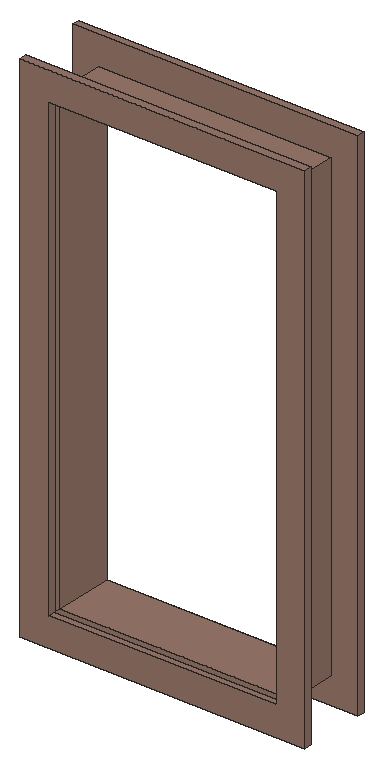
Revit family
Parameters (values of type "0610 x 1220mm")
  Height = 1220 mm
  Sill Height = 915 mm
  Trim Material = Trim
  Trim Thickness = 20 mm
  Trim Width = 75 mm
  Width = 610 mm
Types (10, lengths in mm): name | Height | Sill Height | Width
  (no name) | 1220 | 915 | 610
  0915 x 1220mm | 1220 | 915 | 915
  0915 x 0610mm | 610 | 915 | 915
  0915 x 1830mm | 1830 | 610 | 915
  0610 x 1830mm | 1830 | 610 | 610
  0610 x 1220mm | 1220 | 915 | 610
  0610 x 0610mm | 610 | 915 | 610
  0406 x 0610mm | 610 | 915 | 406
  0406 x 1220mm | 1220 | 915 | 406
  0406 x 1830mm | 1830 | 610 | 406
Reference planes
  plane 1: y = 0
  plane 2 "Center (Left/Right)": x = -8.189
  plane 3 "Right": x = 296.811
  plane 4 "Left": x = -313.189
  plane 5 "Top": z = 2135
  plane 6: y = 96.2
  plane 7: y = -96.2
  plane 8: z = 915
Forms (mm)
  Sweep 1, solid, material "Trim" <- "Trim Material"
    path in 3D
      loop
        line (296.811, 76.2, 2135) -> (-313.189, 76.2, 2135) -> (-313.189, 76.2, 915) -> (296.811, 76.2, 915) -> (296.811, 76.2, 2135)
    profile origin (296.811, 0, 1525) x (0, 1, 0) y (-1, 0, 0)
      loop
        line (76.2, 0.95) -> (76.2, 20) -> (-76.2, 20) -> (-76.2, 0.95) -> (76.2, 0.95)
  Extrusion 2, solid, material "Trim" <- "Trim Material"
    sketch origin (-1524, 76.2, 0) x (-1, 0, 0) y (0, 0, 1)
      loop
        line (-1889.461, 846.35) -> (-1142.161, 846.35) -> (-1142.161, 2209.05) -> (-1889.461, 2209.05) -> (-1889.461, 846.35)
      loop
        line (-1217.161, 921.35) -> (-1217.161, 2128.65) -> (-1814.461, 2128.65) -> (-1814.461, 921.35) -> (-1217.161, 921.35)
    from 0 to 20
  Extrusion 3, solid, material "Trim" <- "Trim Material"
    sketch origin (-1524, -76.2, 0) x (1, 0, 0) y (0, 0, 1)
      loop
        line (1217.161, 2128.65) -> (1217.161, 921.35) -> (1814.461, 921.35) -> (1814.461, 2128.65) -> (1217.161, 2128.65)
      loop
        line (1142.161, 846.35) -> (1889.461, 846.35) -> (1889.461, 2203.65) -> (1142.161, 2203.65) -> (1142.161, 846.35)
    from 0 to 20
Lines and regions (mm)
  Opening 1
    outline origin (-1524, -76.2, 0) x (1, 0, 0) y (0, 0, 1)
      loop
        line (1820.811, 2135) -> (1210.811, 2135) -> (1210.811, 915) -> (1820.811, 915) -> (1820.811, 2135)
  sketch lines
    curve 1: line (296.811, 76.2, 915) -> (296.811, 76.2, 2135)
    curve 2: line (296.811, 76.2, 2135) -> (-313.189, 76.2, 2135)
    curve 3: line (-313.189, 76.2, 2135) -> (-313.189, 76.2, 915)
    curve 4: line (-313.189, 76.2, 915) -> (296.811, 76.2, 915)
  symbolic lines
    curve 5: line (-313.189, 76.2, 0) -> (296.811, 76.2, 0)
    curve 6: line (-313.189, -76.2, 0) -> (-313.189, 76.2, 0)
    curve 7: line (296.811, -76.2, 0) -> (-313.189, -76.2, 0)
    curve 8: line (296.811, 76.2, 0) -> (296.811, -76.2, 0)
Text (mm)
  text "Placement Side" at (0, 1019.848, 3124.603), in view "Right"
  text "Placement Side" at (-1787.662, 1269.283, 0), in view "Ref. Level"
  text "Placement Side" at (0, 1504.039, 2975.729), in view "Left"
Dimensions and locks
  "Width": plane 4 "Left" to plane 3 "Right"
  equal spacing: plane 4 "Left", plane 2 "Center (Left/Right)", plane 3 "Right"
  "Trim Thickness": Sweep 1 sketch curve to plane 3 "Right"
  locked: plane 3 "Right" to Extrusion 2 sketch curve at 6.35
  "Trim Width": Extrusion 2 sketch curve to Extrusion 2 sketch curve  (x3)
  locked: plane 4 "Left" to Extrusion 2 sketch curve at 6.35
  locked: Extrusion 2 sketch curve to plane 5 "Top" at 6.35
  "Trim Width": Sweep 1 to Extrusion 2 sketch curve
  locked: Extrusion 3 sketch curve to plane 4 "Left" at 6.35
  "Trim Width": Extrusion 3 sketch curve to Extrusion 3 sketch curve  (x4)
  locked: plane 5 "Top" to Extrusion 3 sketch curve at 6.35
  locked: plane 3 "Right" to Extrusion 3 sketch curve at 6.35
  "Trim Thickness": host wall to plane 6
  "Trim Thickness": plane 7 to host wall
  "Sill Height": host wall to plane 8
  "Height": plane 8 to plane 5 "Top"
  locked: plane 8 to Extrusion 2 sketch curve at 6.35
  locked: Extrusion 3 sketch curve to plane 8 at 6.35
  aligned and locked: plane 3 "Right" to Opening 1 sketch curve
  aligned and locked: Opening 1 sketch curve to plane 5 "Top"
  aligned and locked: Opening 1 sketch curve to plane 4 "Left"
  aligned and locked: host wall to Sweep 1 sketch curve  (x2)
  aligned and locked: Extrusion 2 to plane 6
  aligned and locked: plane 7 to Extrusion 3
  aligned and locked: plane 8 to Opening 1 sketch curve
  aligned and locked: curve 5 to host wall  (x2)
  aligned and locked: curve 8 to host wall  (x2)
Automatic sketch dimensions
  Sweep 1 sketch curve to Sweep 1 sketch curve = 19.05 mm
